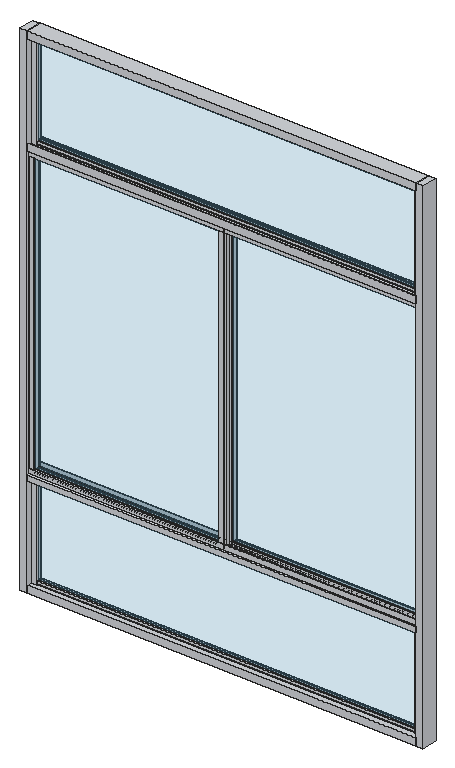
Revit family "MT-VMS_DB-SG_OX WITH HIGHTLITE-LOWLITE", category Windows, host Wall, Revit 2017 (continued)
Definition of nested family "VMS_DB-SG_OX_LOWLITE-HIGHLITE_76mm"
  Parameters (values of type "VMS_DB-SG_OX_LOWLITE-HIGHLITE_76mm")
    FRAME MATERIAL = none
    FIXED PANEL WIDTH = WIDTH - (FRAME WIDTH * 2)  # 1930 mm
    DOUBLE GLAZED THICKNESS = 15 mm
    DOUBLE GLAZED = no
    AIR POCKET = 5 mm
  Reference planes
    plane 1 "Center (Front/Back)": y = 0
    plane 2: z = 0
    plane 3 "Center (Left/Right)": x = 0
    plane 4: y = -76
    plane 5: x = -1000
    plane 6: x = 1000
    plane 7: x = -965
    plane 8: x = 965
    plane 9: z = 1500
    plane 10: z = 36
    plane 11: z = 1459
    plane 12: y = -54
    plane 13: y = -22
    plane 14: x = -478.7
    plane 15: x = 478.7
    plane 16: z = 2000
    plane 17: z = -500
    plane 18: z = 1489
    plane 19: y = -38
    plane 20: z = -465
  Forms (mm)
    Extrusion 1, solid, material <- "Sash Material"
      sketch origin (0, 0, 0) x (1, 0, 0) y (0, 1, 0)
        loop
          line (-1000, 0) -> (-1000, -76) -> (-965, -76) -> (-965, 0) -> (-1000, 0)
        loop
          line (965, 0) -> (965, -76) -> (1000, -76) -> (1000, 0) -> (965, 0)
      from -500 to 2000
    Sweep 2, solid, material <- "Sash Material"
      path origin (0, 0, 0) x (1, 0, 0) y (0, 0, 1)
        loop
          line (965, 1500) -> (-965, 1500)
      profile "VMS_VM8_HEAD DETAIL : VMS_VM8_HEAD DETAIL" origin (0, 0, 1500) x (0, 0, -1) y (0, -1, 0)
        loop
          line (0, 0) -> (35, 0) -> (35, 5.5) -> (59, 5.5) -> (59, 7.3) -> (33.2, 7.3) -> (33.2, 1.8) -> (16.1, 1.8) -> (16.1, 37.2) -> (59, 37.2) -> (59, 38.8) -> (16.1, 38.8) -> (16.1, 74.2) -> (33.2, 74.2) -> (33.2, 68.7) -> (59, 68.7) -> (59, 70.5) -> (35, 70.5) -> (35, 76) -> (0, 76) -> (0, 74.5) -> (14.5, 74.5) -> (14.5, 1.5) -> (0, 1.5) -> (0, 0)
    Sweep 3, solid, material <- "Sash Material"
      path origin (0, 0, 0) x (1, 0, 0) y (0, 0, 1)
        loop
          line (965, 0) -> (-965, 0)
      profile "VMS_VM10_BOT DETAIL : VMS_VM10_BOT DETAIL" origin (0, 0, 0) x (0, 0, -1) y (0, -1, 0)
        loop
          line (-14.448, 1.5) -> (-14.448, 38) -> (-18.196, 38) -> (-18.196, 74.4) -> (0, 74.4) -> (0, 76) -> (-27.256, 76) -> (-31.278, 70.723) -> (-56.143, 70.723) -> (-56.143, 68.723) -> (-31.278, 68.723) -> (-31.278, 38.823) -> (-56.143, 38.823) -> (-56.143, 37.223) -> (-31.278, 37.223) -> (-31.278, 7.323) -> (-56.143, 7.323) -> (-56.143, 5.323) -> (-31.278, 5.323) -> (-27.291, 0) -> (0, 0) -> (0, 1.5) -> (-14.448, 1.5)
        loop
          line (-29.678, 70.183) -> (-29.678, 5.689) -> (-26.54, 1.5) -> (-15.948, 1.5) -> (-15.948, 36.6) -> (-19.696, 36.6) -> (-19.696, 74.4) -> (-26.464, 74.4) -> (-29.678, 70.183)
    Sweep 4, solid, material <- "Sash Material"
      path origin (0, 0, 0) x (1, 0, 0) y (0, 0, 1)
        loop
          line (-965, 1441) -> (-965, 56.143)
      profile "VMS_VM11_SILL DETAIL : VMS_VM11_SILL DETAIL" origin (-965, 0, 748.571) x (1, 0, 0) y (0, -1, 0)
        loop
          line (0, 37.2) -> (29.712, 37.2) -> (29.712, 38.8) -> (1.8, 38.8) -> (1.8, 68.7) -> (29.712, 68.7) -> (29.712, 70.7) -> (0, 70.7) -> (0, 37.2)
    Sweep 5, solid, material <- "Sash Material"
      path origin (0, 0, 0) x (1, 0, 0) y (0, 0, 1)
        loop
          line (965, 1441) -> (965, 56.143)
      profile "VMS_VM12_SILL DETAIL : VMS_VM12_SILL DETAIL" origin (965, 0, 748.571) x (1, 0, 0) y (0, -1, 0)
        loop
          line (-1.5, 37.2) -> (-1.5, 7.3) -> (-29.712, 7.3) -> (-29.712, 5.3) -> (0, 5.3) -> (0, 70.7) -> (-7.5, 70.7) -> (-7.5, 69) -> (-1.5, 69) -> (-1.5, 55.4) -> (-15, 55.4) -> (-15, 53.9) -> (-1.5, 53.9) -> (-1.5, 38.8) -> (-29.712, 38.8) -> (-29.712, 37.2) -> (-1.5, 37.2)
    Sweep 6, solid, material <- "Sash Material"
      path origin (-870.249, -54, 1200) x (-1, 0, 0) y (0, 0, 1)
        loop
          line (-870.249, 241) -> (-870.249, -1143.857)
      profile "VMS_VM9_INTERLOCK : VMS_VM9_INTERLOCK" origin (0, -54, 748.571) x (-1, 0, 0) y (0, 1, 0)
        loop
          line (19.712, -13.356) -> (-18.2, -13.356) -> (-18.2, 13.544) -> (19.712, 13.544) -> (19.712, 15.044) -> (-18.2, 15.044) -> (-18.2, 18.379) -> (-8.692, 19.257) -> (-8.692, 20.102) -> (-20, 20.102) -> (-20, -0.056) -> (-35, -0.056) -> (-35, -1.556) -> (-20, -1.556) -> (-20, -16.856) -> (19.712, -16.856) -> (19.712, -13.356)
    Extrusion 7, solid, material <- "Sash Material"
      sketch origin (0, 0, 0) x (0, 1, 0) y (0, 0, 1)
        loop
          line (0, 2000) -> (-76, 2000) -> (-76, 1965) -> (0, 1965) -> (0, 2000)
        loop
          line (-76, -500) -> (0, -500) -> (0, -465) -> (-76, -465) -> (-76, -500)
      from -965 to 965
  Lines and regions (mm)
    Masking region 1, detail levels coarse
      outline origin (0, 0, 0) x (1, 0, 0) y (0, 1, 0)
        loop
          line (-1000, 0) -> (-1000, -76) -> (-965, -76) -> (-965, 0) -> (-1000, 0)
        loop
          line (965, 0) -> (965, -76) -> (1000, -76) -> (1000, 0) -> (965, 0)
    Masking region 2, detail levels coarse
      outline origin (0, 0, 0) x (0, 1, 0) y (0, 0, 1)
        loop
          line (-76, 1965) -> (0, 1965) -> (0, 2000) -> (-76, 2000) -> (-76, 1965)
        loop
          line (0, 27.291) -> (-5.323, 31.278) -> (-5.323, 36) -> (-70.723, 36) -> (-70.723, 31.278) -> (-76, 27.256) -> (-76, 0) -> (0, 0) -> (0, 27.291)
        loop
          line (0, 1465.3) -> (0, 1500) -> (-76, 1500) -> (-76, 1465.3) -> (0, 1465.3)
        loop
          line (0, -500) -> (0, -465) -> (-76, -465) -> (-76, -500) -> (0, -500)
    symbolic lines
      curve 1: line (-965, 0, 0) -> (965, 0, 0)
      curve 2: line (-965, -76, 0) -> (965, -76, 0)
  Dimensions and locks
    equal spacing: plane 5, plane 3 "Center (Left/Right)", plane 6
    "FRAME THICKNESS": plane 4 to plane 1 "Center (Front/Back)"
    "FRAME WIDTH": plane 5 to plane 7
    "FRAME WIDTH": plane 8 to plane 6
    "WIDTH": plane 5 to plane 6
    locked: plane 9 to plane 11 at 41
    plane 10 to plane 2 = 36 mm
    locked: plane 13 to plane 1 "Center (Front/Back)" at 22
    locked: plane 12 to plane 4 at 22
    "HAFT PANEL WIDTH": plane 7 to plane 14
    "HAFT PANEL WIDTH": plane 15 to plane 8
    "HIGHTLITE": plane 16 to plane 9
    "LOWLITE": plane 2 to plane 17
    locked: plane 16 to Extrusion 7 sketch curve at 35
    locked: Extrusion 7 sketch curve to plane 17 at 35
    locked: plane 9 to plane 18 at 11
    equal spacing: plane 4, plane 19, plane 1 "Center (Front/Back)"
    "FRAME WIDTH": plane 20 to plane 17
    "OVERFRAME HEIGHT": plane 16 to plane 17
    aligned and locked: level to plane 2
    aligned and locked: plane 1 "Center (Front/Back)" to Extrusion 1 sketch curve  (x2)
    aligned and locked: plane 5 to Extrusion 1 sketch curve
    aligned and locked: plane 4 to Extrusion 1 sketch curve  (x2)
    aligned and locked: Extrusion 1 sketch curve to plane 7
    aligned and locked: plane 8 to Extrusion 1 sketch curve
    aligned and locked: Extrusion 1 sketch curve to plane 6
    aligned and locked: plane 9 to Sweep 2 sketch curve
    aligned and locked: plane 8 to Sweep 2 sketch curve
    aligned and locked: plane 7 to Sweep 2 sketch curve
    aligned and locked: plane 2 to Sweep 3 sketch curve
    aligned and locked: plane 8 to Sweep 3 sketch curve
    aligned and locked: plane 7 to Sweep 3 sketch curve
    aligned and locked: Sweep 4 sketch curve to plane 7
    aligned and locked: Sweep 4 sketch curve to Sweep 2
    aligned and locked: Sweep 3 to Sweep 4 sketch curve
    aligned and locked: Sweep 5 sketch curve to plane 8
    aligned and locked: Sweep 2 to Sweep 5 sketch curve
    aligned and locked: Sweep 5 sketch curve to Sweep 3
    aligned and locked: plane 15 to nested 1
    aligned and locked: nested 1 to plane 10
    aligned and locked: nested 1 to plane 13
    aligned and locked: plane 14 to nested 2
    aligned and locked: plane 12 to nested 2
    aligned and locked: nested 2 to plane 10
    aligned and locked: nested 3 to plane 7
    aligned and locked: Sweep 4 to nested 3
    aligned and locked: plane 3 "Center (Left/Right)" to Sweep 6 sketch curve
    aligned and locked: Sweep 2 to Sweep 6 sketch curve
    aligned and locked: Sweep 3 to Sweep 6 sketch curve
    aligned and locked: plane 7 to curve 1
    aligned and locked: plane 8 to curve 1
    aligned and locked: plane 8 to curve 2
    aligned and locked: plane 7 to curve 2
    aligned and locked: plane 1 "Center (Front/Back)" to curve 1
    aligned and locked: curve 2 to plane 4
    aligned and locked: Masking region 1 sketch curve to Extrusion 1  (x4)
    aligned and locked: Masking region 1 sketch curve to Sweep 3  (x3)
    aligned and locked: Sweep 3 to Masking region 1 sketch curve
    aligned and locked: plane 1 "Center (Front/Back)" to nested 4
    aligned and locked: nested 4 to plane 7
    aligned and locked: plane 8 to nested 5
    aligned and locked: plane 1 "Center (Front/Back)" to nested 5
    aligned and locked: plane 7 to nested 6
    aligned and locked: plane 1 "Center (Front/Back)" to nested 6
    aligned and locked: nested 7 to plane 8
    aligned and locked: plane 1 "Center (Front/Back)" to nested 7
    aligned and locked: Masking region 2 sketch curve to plane 4  (x2)
    aligned and locked: Masking region 2 sketch curve to Extrusion 1
    aligned and locked: Extrusion 1 to Masking region 2 sketch curve
    aligned and locked: Masking region 2 sketch curve to Sweep 3  (x3)
    aligned and locked: Masking region 2 sketch curve to nested 1
    aligned and locked: Sweep 3 to Masking region 2 sketch curve
    aligned and locked: nested 8 to plane 9
    aligned and locked: plane 4 to nested 8
    aligned and locked: nested 9 to plane 9
    aligned and locked: plane 4 to nested 9
    aligned and locked: nested 10 to plane 2
    aligned and locked: plane 4 to nested 10
    aligned and locked: nested 11 to level
    aligned and locked: nested 11 to Extrusion 1
    aligned and locked: plane 16 to Extrusion 1
    aligned and locked: Extrusion 1 to plane 17
    aligned and locked: plane 4 to Extrusion 7 sketch curve  (x2)
    aligned and locked: Extrusion 7 sketch curve to plane 16
    aligned and locked: plane 1 "Center (Front/Back)" to Extrusion 7 sketch curve  (x2)
    aligned and locked: plane 17 to Extrusion 7 sketch curve
    aligned and locked: Extrusion 7 to Extrusion 1  (x2)
    aligned and locked: plane 3 "Center (Left/Right)" to nested 12
    aligned and locked: nested 12 to plane 19
    aligned and locked: nested 12 to plane 18
    aligned and locked: nested 13 to plane 20
    aligned and locked: plane 3 "Center (Left/Right)" to nested 13
    aligned and locked: nested 13 to plane 19
    aligned and locked: nested 14 to Extrusion 7
    aligned and locked: plane 1 "Center (Front/Back)" to nested 14
    aligned and locked: nested 15 to plane 1 "Center (Front/Back)"
    aligned and locked: plane 20 to nested 15
    aligned and locked: plane 20 to nested 16
    aligned and locked: nested 16 to plane 1 "Center (Front/Back)"
    aligned and locked: nested 17 to Extrusion 7
    aligned and locked: plane 1 "Center (Front/Back)" to nested 17
    aligned and locked: Masking region 2 sketch curve to nested 17
    aligned and locked: Masking region 2 sketch curve to nested 9  (x2)
    aligned and locked: Masking region 2 sketch curve to nested 8
    aligned and locked: nested 8 to Masking region 2 sketch curve
    aligned and locked: plane 2 to Masking region 2 sketch curve
    aligned and locked: Masking region 2 sketch curve to nested 15
    aligned and locked: Masking region 2 sketch curve to plane 17
    aligned and locked: Masking region 2 sketch curve to plane 1 "Center (Front/Back)"
  Automatic sketch dimensions
    Masking region 2 sketch curve to plane 4 = 0 mm
    plane 1 "Center (Front/Back)" to Masking region 2 sketch curve = 5.323 mm
    Masking region 2 sketch curve to plane 10 = 8.709 mm
    Masking region 2 sketch curve to plane 10 = 4.722 mm
  Nested families
    nested 1: "VMS_DB-SG_GLAZED PANEL" at (478.7, -22, 36), Sash Material <- "FRAME MATERIAL", type "VMS_DB-SG_GLAZED PANEL"
      with OPEN yes
    nested 2: "VMS_DB-SG_GLAZED PANEL" at (-478.7, -54, 36) x (-1, 0, 0) z (0, 0, 1), Sash Material <- "FRAME MATERIAL", type "VMS_DB-SG_GLAZED PANEL"
      with OPEN no
    nested 3: "VMS_VM11_SILL DETAIL_FINE" at (-965, -37.2, 0) x (0, -1, 0) z (0, 0, 1), type "VMS_VM11_SILL DETAIL_FINE", detail levels fine
    nested 4: "MAIN FRAME 76MM_MEDIUM" at (-1000, 0, 0), type "MAIN FRAME 76MM_MEDIUM", detail levels medium
    nested 5: "MAIN FRAME 76MM_MEDIUM" at (1000, -76, 0) x (-1, 0, 0) z (0, 0, 1), type "MAIN FRAME 76MM_MEDIUM", detail levels medium
    nested 6: "AS1C CAVITY MAIN FRAME" at (-965, 0, 0), type "AS1C CAVITY MAIN FRAME", detail levels fine
    nested 7: "AS1C CAVITY MAIN FRAME" at (965, -76, 0) x (-1, 0, 0) z (0, 0, 1), type "AS1C CAVITY MAIN FRAME", detail levels fine
    nested 8: "VMS_VM8_HEAD DETAIL_MEDIUM" at (0, -76, 1500) x (0, 1, 0) z (1, 0, 0), type "VMS_VM8_HEAD DETAIL_MEDIUM", detail levels medium
    nested 9: "VMS_VM8_HEAD DETAIL_FINE" at (0, -76, 1500) x (0, 1, 0) z (1, 0, 0), type "VMS_VM8_HEAD DETAIL_FINE", detail levels fine
    nested 10: "VMS_VM10_BOT DETAIL_MEDIUM" at (0, -76, 0) x (0, 1, 0) z (1, 0, 0), type "VMS_VM10_BOT DETAIL_MEDIUM", detail levels medium
    nested 11: "VMS_VM10_BOT DETAIL_FINE" at (0, -76, 0) x (0, 1, 0) z (1, 0, 0), type "VMS_VM10_BOT DETAIL_FINE", detail levels fine
    nested 12: "VMS_DB-SG_GLAZED PANEL" at (0, -38, 1489) x (-1, 0, 0) z (0, 0, 1), Sash Material <- "FRAME MATERIAL", type "VMS_DB-SG_FIX PANEL"
      with OPEN no
    nested 13: "VMS_DB-SG_GLAZED PANEL" at (0, -38, -465) x (-1, 0, 0) z (0, 0, 1), Sash Material <- "FRAME MATERIAL", type "VMS_DB-SG_FIX PANEL LOW"
      with OPEN no
    nested 14: "MAIN FRAME 76MM_MEDIUM" at (0, 0, 2000) x (0, 0, -1) z (1, 0, 0), type "MAIN FRAME 76MM_MEDIUM", detail levels medium
    nested 15: "MAIN FRAME 76MM_MEDIUM" at (0, -76, -500) x (0, 0, 1) z (1, 0, 0), type "MAIN FRAME 76MM_MEDIUM", detail levels medium
    nested 16: "AS1C CAVITY MAIN FRAME" at (0, -76, -465) x (0, 0, 1) z (1, 0, 0), type "AS1C CAVITY MAIN FRAME", detail levels fine
    nested 17: "AS1C CAVITY MAIN FRAME" at (0, 0, 1965) x (0, 0, -1) z (1, 0, 0), type "AS1C CAVITY MAIN FRAME", detail levels fine
  Definition of nested family "VMS_DB-SG_GLAZED PANEL"
    Parameters (values of type "VMS_DB-SG_FIX PANEL")
      YEAR = "2018"  # constant formula
      Width = 1930 mm
      VERSION = "2.0"  # constant formula
      TODAYS DATE = "22/11/2018"  # constant formula
      Sash Material [instance] = none
      SINGLE GLAZED THICKNESS = 5 mm
      SINGLE GLAZED = not(DOUBLE GLAZED)  # yes
      PANEL WIDTH = 1930 mm
      PANEL HEIGHT = 476 mm
      OPEN [instance] = yes
      Height = 0 mm
      GLAZED WIDTH [instance] = 1894 mm
      GLAZED RAIL MATERIAL = none
      GLAZED MATERIAL = none
      DOUBLE GLAZED THICKNESS = 15 mm
      DOUBLE GLAZED = no
      CREATOR = "Scott Isouard"  # constant formula
      COMPANY = "Archvis"  # constant formula
      Analytic Construction = "<None>"
      ANZRC COMPLIANT = "Yes"  # constant formula
      AIR POCKET = DOUBLE GLAZED THICKNESS - 10 mm  # 5 mm
    Types (3, lengths in mm): name | Width | PANEL WIDTH | PANEL HEIGHT | GLAZED WIDTH
      VMS_DB-SG_GLAZED PANEL | 0 | 969 | 1423 | 933
      VMS_DB-SG_FIX PANEL LOW | 0 | 1930 | 476 | 1894
      VMS_DB-SG_FIX PANEL | 1930 | 1930 | 476 | 1894
    Reference planes
      plane 1 "Center (Front/Back)": y = 0
      plane 2: z = 0
      plane 3 "Center (Left/Right)": x = 0
      plane 4: x = -965
      plane 5: x = 965
      plane 6: x = -947
      plane 7: x = 947
      plane 8: z = 476
      plane 9: z = 456
      plane 10: z = 20
      plane 11: z = 238
      plane 12: x = -937.086
      plane 13: x = 937
      plane 14: z = 10
      plane 15: z = 466
    Forms (mm)
      Extrusion 1, solid, material <- "GLAZED MATERIAL", visible <- "SINGLE GLAZED"
        sketch origin (0, 0, 0) x (1, 0, 0) y (0, 1, 0)
          loop
            line (-947, 2.5) -> (-947, -2.5) -> (947, -2.5) -> (947, 2.5) -> (-947, 2.5)
        from 10 to 466
      Extrusion 2, solid, material <- "GLAZED MATERIAL", visible <- "DOUBLE GLAZED"
        sketch origin (0, 0, 0) x (1, 0, 0) y (0, 1, 0)
          loop
            line (-947, 7.5) -> (-947, 2.5) -> (947, 2.5) -> (947, 7.5) -> (-947, 7.5)
          loop
            line (-947, -2.5) -> (-947, -7.5) -> (947, -7.5) -> (947, -2.5) -> (-947, -2.5)
        from 10 to 466
      Sweep 3, solid, material <- "Sash Material"
        path origin (0, 0, 0) x (1, 0, 0) y (0, 0, 1)
          loop
            line (-965, 476) -> (-965, 0)
        profile "VM__PROFILE_SACH SILL : VM__PROFILE_SACH SILL" origin (-965, 0, 238) x (1, 0, 0) y (0, -1, 0)
          loop
            line (0, 13.45) -> (0, -13.45) -> (28, -13.45) -> (28, -9.95) -> (10, -9.95) -> (10, 9.95) -> (28, 9.95) -> (28, 13.45) -> (0, 13.45)
      Sweep 4, solid, material <- "Sash Material"
        path origin (0, 0, 0) x (1, 0, 0) y (0, 0, 1)
          loop
            line (965, 476) -> (965, 0)
        profile "VM__PROFILE_SACH SILL : VM__PROFILE_SACH SILL" origin (965, 0, 238) x (1, 0, 0) y (0, -1, 0)
          loop
            line (0, 13.45) -> (-28, 13.45) -> (-28, 9.95) -> (-10, 9.95) -> (-10, -9.95) -> (-28, -9.95) -> (-28, -13.45) -> (0, -13.45) -> (0, 13.45)
      Sweep 5, solid, material <- "Sash Material"
        path origin (0, 0, 0) x (1, 0, 0) y (0, 0, 1)
          loop
            line (-937.086, 476) -> (937, 476)
        profile "VM__PROFILE_GLAZED RAIL : VM__PROFILE_GLAZED RAIL" origin (-0.043, 0, 476) x (0, 0, 1) y (0, -1, 0)
          loop
            line (-5.417, -13.45) -> (0, -8.033) -> (0, 8.033) -> (-5.417, 13.45) -> (-19.826, 13.45) -> (-19.826, 6.25) -> (-10, 6.25) -> (-10, -6.25) -> (-19.826, -6.25) -> (-19.826, -13.45) -> (-5.417, -13.45)
      Sweep 6, solid, material <- "Sash Material"
        path origin (0, 0, 0) x (1, 0, 0) y (0, 0, 1)
          loop
            line (937, 0) -> (-937.086, 0)
        profile "VM__PROFILE_GLAZED RAIL : VM__PROFILE_GLAZED RAIL" origin (-0.043, 0, 0) x (0, 0, -1) y (0, -1, 0)
          loop
            line (-5.417, -13.45) -> (0, -8.033) -> (0, 8.033) -> (-5.417, 13.45) -> (-19.826, 13.45) -> (-19.826, 6.25) -> (-10, 6.25) -> (-10, -6.25) -> (-19.826, -6.25) -> (-19.826, -13.45) -> (-5.417, -13.45)
    Lines and regions (mm)
      Masking region 1, detail levels coarse
        outline origin (0, 0, 0) x (1, 0, 0) y (0, 1, 0)
          loop
            line (-937.086, 13.45) -> (-965, 13.45) -> (-965, -13.45) -> (-937.086, -13.45) -> (-937.086, 13.45)
          loop
            line (937, 13.45) -> (937, -13.45) -> (965, -13.45) -> (965, 13.45) -> (937, 13.45)
      Masking region 2, detail levels coarse
        outline origin (0, 0, 0) x (0, 1, 0) y (0, 0, 1)
          loop
            line (13.45, 476) -> (-13.45, 476) -> (-13.45, 456.174) -> (13.45, 456.174) -> (13.45, 476)
          loop
            line (13.45, 20) -> (-13.45, 20) -> (-13.45, 0) -> (13.45, 0) -> (13.45, 20)
      model lines, visible <- "OPEN", not visible
        curve 1: line (116.296, -13.45, 713.931) -> (-19.098, -13.45, 715.656)
        curve 2: line (-134.348, -13.45, 741.334) -> (8.162, -13.45, 666.42)
        curve 3: line (8.162, -13.45, 666.42) -> (-19.098, -13.45, 715.656)
        curve 4: line (116.912, -13.45, 762.344) -> (-18.481, -13.45, 764.068)
        curve 5: line (-134.348, -13.45, 741.334) -> (10.023, -13.45, 812.593)
        curve 6: line (10.023, -13.45, 812.593) -> (-18.481, -13.45, 764.068)
        curve 7: line (116.296, -13.45, 713.931) -> (116.912, -13.45, 762.344)
        curve 8: line (116.604, -13.45, 738.138) -> (-134.348, -13.45, 741.334)
        curve 9: line (-2.207, 13.452, 837.659) -> (-4.793, 13.452, 634.675)
      model lines, visible <- "OPEN"
        curve 10: line (120.069, -13.45, 262.208) -> (-15.335, -13.45, 262.208)
        curve 11: line (-130.903, -13.45, 238) -> (12.549, -13.45, 311.092)
        curve 12: line (12.549, -13.45, 311.092) -> (-15.335, -13.45, 262.208)
        curve 13: line (120.069, -13.45, 213.792) -> (-15.335, -13.45, 213.792)
        curve 14: line (-130.903, -13.45, 238) -> (12.549, -13.45, 164.908)
        curve 15: line (12.549, -13.45, 164.908) -> (-15.335, -13.45, 213.792)
        curve 16: line (120.069, -13.45, 262.208) -> (120.069, -13.45, 213.792)
        curve 17: line (120.069, -13.45, 238) -> (-130.903, -13.45, 238)
        curve 18: line (0, 13.452, 140) -> (0, 13.452, 343)
      symbolic lines
        curve 19: line (-951.086, 13.45, 0) -> (951.088, 13.45, 0)
        curve 20: line (-951.086, -13.45, 0) -> (947, -13.45, 0)
        curve 21: line (0, 13.45, 466) -> (0, 13.45, 10)
        curve 22: line (0, -13.45, 466) -> (0, -13.45, 10)
      symbolic lines, visible <- "OPEN"
        curve 23: line (150, 93.125, 0) -> (-150, 93.125, 0)
        curve 24: line (-150, 93.125, 0) -> (-70.45, 172.674, 0)
    Dimensions and locks
      equal spacing: plane 4, plane 3 "Center (Left/Right)", plane 5
      "PANEL WIDTH": plane 4 to plane 5
      "PANEL HEIGHT": plane 8 to plane 2
      equal spacing: Extrusion 1 sketch curve, plane 1 "Center (Front/Back)", Extrusion 1 sketch curve
      "SINGLE GLAZED THICKNESS": Extrusion 1 sketch curve to Extrusion 1 sketch curve
      equal spacing: plane 8, plane 11, plane 2
      equal spacing: Extrusion 2 sketch curve, plane 1 "Center (Front/Back)", Extrusion 2 sketch curve  (x2)
      "AIR POCKET": Extrusion 2 sketch curve to Extrusion 2 sketch curve
      "DOUBLE GLAZED THICKNESS": Extrusion 2 sketch curve to Extrusion 2 sketch curve
      locked: plane 4 to plane 12 at 27.914
      locked: plane 13 to plane 5 at 28
      locked: plane 8 to plane 9 at 20
      locked: plane 4 to plane 6 at 18
      locked: plane 7 to plane 5 at 18
      "GLAZED WIDTH": plane 6 to plane 7
      locked: plane 10 to plane 2 at 20
      locked: plane 14 to plane 2 at 10
      locked: plane 8 to plane 15 at 10
      equal spacing: curve 24, plane 3 "Center (Left/Right)", curve 23
      curve 23 to Sweep 5 = 79.675 mm
      aligned and locked: level to plane 2
      aligned and locked: plane 6 to Extrusion 2 sketch curve  (x2)
      aligned and locked: Extrusion 2 sketch curve to plane 7  (x2)
      aligned and locked: plane 4 to Sweep 3 sketch curve
      aligned and locked: plane 2 to Sweep 3 sketch curve
      aligned and locked: plane 8 to Sweep 3 sketch curve
      aligned and locked: Sweep 4 sketch curve to plane 5
      aligned and locked: plane 8 to Sweep 4 sketch curve
      aligned and locked: plane 2 to Sweep 4 sketch curve
      aligned and locked: Extrusion 1 sketch curve to plane 7
      aligned and locked: plane 6 to Extrusion 1 sketch curve
      aligned and locked: plane 11 to curve 17
      aligned and locked: plane 3 "Center (Left/Right)" to curve 18
      aligned and locked: Sweep 5 sketch curve to plane 8
      aligned and locked: plane 12 to Sweep 5 sketch curve
      aligned and locked: plane 13 to Sweep 5 sketch curve
      aligned and locked: plane 2 to Sweep 6 sketch curve
      aligned and locked: plane 13 to Sweep 6 sketch curve
      aligned and locked: plane 12 to Sweep 6 sketch curve
      aligned and locked: Sweep 5 to Masking region 1 sketch curve  (x2)
      aligned and locked: Masking region 1 sketch curve to Sweep 5  (x3)
      aligned and locked: Masking region 1 sketch curve to plane 4
      aligned and locked: Masking region 1 sketch curve to plane 5
      aligned and locked: Masking region 1 to Sweep 5
      aligned and locked: curve 20 to Sweep 5
      aligned and locked: Masking region 2 sketch curve to Sweep 4  (x2)
      aligned and locked: Sweep 4 to Masking region 2 sketch curve  (x2)
      aligned and locked: Masking region 2 sketch curve to Sweep 5  (x2)
      aligned and locked: Masking region 2 sketch curve to Sweep 6
      aligned and locked: Masking region 2 sketch curve to plane 10
      aligned and locked: nested 1 to plane 1 "Center (Front/Back)"
      aligned and locked: plane 2 to nested 1
      aligned and locked: nested 2 to plane 8
      aligned and locked: plane 1 "Center (Front/Back)" to nested 2
      aligned and locked: nested 3 to plane 8
      aligned and locked: plane 1 "Center (Front/Back)" to nested 3
      aligned and locked: plane 2 to nested 4
      aligned and locked: nested 4 to plane 1 "Center (Front/Back)"
      aligned and locked: Extrusion 2 to Sweep 6
      aligned and locked: Extrusion 2 to Extrusion 1  (x2)
      aligned and locked: nested 5 to plane 8
      aligned and locked: plane 1 "Center (Front/Back)" to nested 5
      aligned and locked: plane 2 to nested 6
      aligned and locked: nested 6 to plane 1 "Center (Front/Back)"
      aligned and locked: plane 2 to nested 7
      aligned and locked: nested 7 to plane 1 "Center (Front/Back)"
      aligned and locked: nested 8 to plane 8
      aligned and locked: plane 1 "Center (Front/Back)" to nested 8
      aligned and locked: Sweep 3 to curve 21
      aligned and locked: curve 22 to Sweep 3
      aligned and locked: curve 19 to Sweep 5
      aligned and locked: plane 7 to curve 20
      aligned and locked: plane 15 to curve 22
      aligned and locked: plane 15 to curve 21
      aligned and locked: plane 14 to curve 21
      aligned and locked: plane 14 to curve 22
      aligned and locked: plane 15 to Extrusion 2
      aligned and locked: plane 4 to nested 9
      aligned and locked: nested 9 to Sweep 3
      aligned and locked: plane 4 to nested 10
      aligned and locked: nested 10 to nested 9
      aligned and locked: plane 4 to nested 11
      aligned and locked: Masking region 1 to plane 13
      aligned and locked: plane 4 to nested 12
      aligned and locked: nested 12 to Sweep 5
      aligned and locked: plane 5 to nested 13
      aligned and locked: nested 13 to Sweep 4
      aligned and locked: plane 5 to nested 14
      aligned and locked: nested 14 to nested 13
      aligned and locked: plane 5 to nested 15
      aligned and locked: nested 14 to nested 15
      aligned and locked: plane 5 to nested 16
      aligned and locked: nested 16 to nested 15  (x2)
      aligned and locked: curve 19 to nested 16
      aligned and locked: nested 12 to curve 19
      aligned and locked: curve 20 to nested 12
    Automatic sketch dimensions
      curve 9 to curve 2 = 34.287 mm
      curve 2 to curve 7 = 118.111 mm
      curve 1 to curve 8 = 24.208 mm
      curve 3 to curve 4 = 48.416 mm
      curve 4 to curve 5 = 56.278 mm
      curve 5 to curve 9 = 27.89 mm
      curve 3 to curve 1 = 118.111 mm
      curve 6 to curve 4 = 118.111 mm
      curve 9 to curve 5 = 27.89 mm
      curve 3 to curve 2 = 56.278 mm
      curve 6 to curve 3 = 48.416 mm
      curve 8 to curve 4 = 118.076 mm
      curve 18 to curve 11 = 34.287 mm
      curve 11 to curve 16 = 118.111 mm
      curve 10 to curve 17 = 24.208 mm
      curve 12 to curve 13 = 48.416 mm
      curve 13 to curve 14 = 56.278 mm
      curve 14 to curve 18 = 27.89 mm
      curve 12 to curve 10 = 118.111 mm
      curve 15 to curve 13 = 118.111 mm
      curve 18 to curve 14 = 27.89 mm
      curve 12 to curve 11 = 56.278 mm
      curve 15 to curve 12 = 48.416 mm
      curve 17 to curve 13 = 118.076 mm
      curve 18 to curve 18 = 2.585 mm
      curve 18 to curve 18 = 202.984 mm
      curve 11 to curve 16 = 47.511 mm
      curve 11 to curve 12 = 49.235 mm
      curve 10 to curve 11 = 25.678 mm
      curve 10 to curve 16 = 48.412 mm
      curve 10 to curve 13 = 48.412 mm
      curve 13 to curve 15 = 48.525 mm
      curve 11 to curve 12 = 115.25 mm
      curve 10 to curve 15 = 0.617 mm
      curve 10 to curve 12 = 27.26 mm
      curve 13 to curve 14 = 28.505 mm
      curve 9 to curve 9 = 2.585 mm
      curve 9 to curve 9 = 202.984 mm
      curve 2 to curve 7 = 47.511 mm
      curve 2 to curve 3 = 49.235 mm
      curve 1 to curve 2 = 25.678 mm
      curve 1 to curve 7 = 48.412 mm
      curve 1 to curve 4 = 48.412 mm
      curve 4 to curve 6 = 48.525 mm
      curve 3 to curve 2 = 115.25 mm
      curve 6 to curve 1 = 0.617 mm
      curve 3 to curve 1 = 27.26 mm
      curve 5 to curve 4 = 28.505 mm
      Masking region 1 sketch curve to plane 13 = 0 mm
      curve 24 to curve 24 = 79.55 mm
      curve 19 to plane 6 = 4.086 mm
      curve 20 to plane 6 = 4.086 mm
      plane 7 to curve 19 = 4.088 mm
      curve 23 to curve 24 = 79.55 mm
      curve 24 to plane 3 "Center (Left/Right)" = 150 mm
    Nested families
      nested 1: "VM62_DOUBLE GLAZE RAIL_Mid detail" at (0, 0, 0) x (0, 0, 1) z (1, 0, 0), visible <- "DOUBLE GLAZED", type "VM62_DOUBLE GLAZE RAIL_Mid detail", detail levels medium
      nested 2: "VM62_DOUBLE GLAZE RAIL_Mid detail" at (0, 0, 476) x (0, 0, -1) z (1, 0, 0), visible <- "DOUBLE GLAZED", type "VM62_DOUBLE GLAZE RAIL_Mid detail", detail levels medium
      nested 3: "VM62_SGL GLAZE RAIL_Mid detail" at (0, 0, 476) x (0, 0, -1) z (1, 0, 0), visible <- "SINGLE GLAZED", type "VM62_SGL GLAZE RAIL_Mid detail", detail levels medium
      nested 4: "VM62_SGL GLAZE RAIL_Mid detail" at (0, 0, 0) x (0, 0, 1) z (1, 0, 0), visible <- "SINGLE GLAZED", type "VM62_SGL GLAZE RAIL_Mid detail", detail levels medium
      nested 5: "vm1_single glaze rail" at (0, 0, 476) x (0, 0, -1) z (1, 0, 0), visible <- "SINGLE GLAZED", type "vm1_single glaze rail", detail levels fine
      nested 6: "vm1_single glaze rail" at (0, 0, 0) x (0, 0, 1) z (1, 0, 0), visible <- "SINGLE GLAZED", type "vm1_single glaze rail", detail levels fine
      nested 7: "VM62_DOUBLE GLAZE RAIL" at (0, 0, 0) x (0, 0, 1) z (1, 0, 0), visible <- "DOUBLE GLAZED", type "VM62_DOUBLE GLAZE RAIL", detail levels fine
      nested 8: "VM62_DOUBLE GLAZE RAIL" at (0, 0, 476) x (0, 0, -1) z (1, 0, 0), visible <- "DOUBLE GLAZED", type "VM62_DOUBLE GLAZE RAIL", detail levels fine
      nested 9: "VMS_V3_SGL_FINE" at (-965, 13.45, 0), visible <- "SINGLE GLAZED", type "VMS_V3_SGL_FINE", detail levels fine
      nested 10: "VMS_V3_SGL_MEDIUM" at (-965, 13.45, 0), visible <- "SINGLE GLAZED", type "VMS_V3_SGL_MEDIUM", detail levels medium
      nested 11: "VMS_VM64_SILL DETAIL_FINE" at (-965, 13.45, 0), visible <- "DOUBLE GLAZED", type "VMS_VM64_SILL DETAIL_FINE", detail levels fine
      nested 12: "VMS_VM64_SILL DETAIL_MEDIUM" at (-965, 13.45, 0), visible <- "DOUBLE GLAZED", type "VMS_VM64_SILL DETAIL_MEDIUM", detail levels medium
      nested 13: "VMS_VM5_SILL DETAIL_FINE" at (965, -13.45, 0) x (0, 1, 0) z (0, 0, 1), visible <- "SINGLE GLAZED", type "VMS_VM5_SILL DETAIL_FINE", detail levels fine
      nested 14: "VMS_VM5_SILL DETAIL_MEDIUM" at (965, -13.45, 0) x (0, 1, 0) z (0, 0, 1), visible <- "SINGLE GLAZED", type "VMS_VM5_SILL DETAIL_MEDIUM", detail levels medium
      nested 15: "VMS_VM66_SILL DETAIL_FINE" at (965, -13.45, 0) x (0, 1, 0) z (0, 0, 1), visible <- "DOUBLE GLAZED", type "VMS_VM66_SILL DETAIL_FINE", detail levels fine
      nested 16: "VMS_VM66_SILL DETAIL_MEDIUM" at (965.054, -13.45, 0) x (0, 1, 0) z (0, 0, 1), visible <- "DOUBLE GLAZED", type "VMS_VM66_SILL DETAIL_MEDIUM", detail levels medium
    Definition of nested family "VM62_DOUBLE GLAZE RAIL_Mid detail"
      Reference planes
        plane 1 "Center (Front/Back)": y = 0
        plane 2: z = 0
        plane 3 "Center (Left/Right)": x = 0
        plane 4: x = 10
      Lines and regions (mm)
        detail lines, in view "Ref. Level"
          curve 1: line (19.826, 13.45, 0) -> (19.826, 10.52, 0)
          curve 2: line (19.826, 10.52, 0) -> (10, 10.52, 0)
          curve 3: line (10, -10.52, 0) -> (19.826, -10.52, 0)
          curve 4: line (19.826, -10.52, 0) -> (19.826, -13.45, 0)
          curve 5: line (19.826, -13.45, 0) -> (5.417, -13.45, 0)
          curve 6: line (5.417, -13.45, 0) -> (0, -8.033, 0)
          curve 7: line (0, -8.033, 0) -> (0, 8.033, 0)
          curve 8: line (0, 8.033, 0) -> (5.417, 13.45, 0)
          curve 9: line (5.417, 13.45, 0) -> (19.826, 13.45, 0)
          curve 10: line (10, -10.52, 0) -> (10, 10.52, 0)
      Dimensions and locks
        plane 3 "Center (Left/Right)" to plane 4 = 10 mm
    Definition of nested family "VM62_SGL GLAZE RAIL_Mid detail"
      Reference planes
        plane 1 "Center (Front/Back)": y = 0
        plane 2: z = 0
        plane 3 "Center (Left/Right)": x = 0
        plane 4: x = 10
      Lines and regions (mm)
        detail lines, in view "Ref. Level"
          curve 1: line (19.826, 13.45, 0) -> (19.826, 6.45, 0)
          curve 2: line (19.826, 6.45, 0) -> (10, 6.45, 0)
          curve 3: line (10, -6.45, 0) -> (19.826, -6.45, 0)
          curve 4: line (19.826, -6.45, 0) -> (19.826, -13.45, 0)
          curve 5: line (19.826, -13.45, 0) -> (5.417, -13.45, 0)
          curve 6: line (5.417, -13.45, 0) -> (0, -8.033, 0)
          curve 7: line (0, -8.033, 0) -> (0, 8.033, 0)
          curve 8: line (0, 8.033, 0) -> (5.417, 13.45, 0)
          curve 9: line (5.417, 13.45, 0) -> (19.826, 13.45, 0)
          curve 10: line (10, -6.45, 0) -> (10, 6.45, 0)
      Dimensions and locks
        plane 3 "Center (Left/Right)" to plane 4 = 10 mm
    Definition of nested family "vm1_single glaze rail"
      Reference planes
        plane 1 "Center (Front/Back)": y = 0
        plane 2: z = 0
        plane 3 "Center (Left/Right)": x = 0
      Lines and regions (mm)
        detail lines, in view "Ref. Level"
          curve 1: arc (5.316, -8.679, 0) -> (5.078, -8.372, 0) -> (4.771, -8.134, 0) r 1.525
          curve 2: arc (3.99, -7.925, 0) -> (3.633, -7.97, 0) -> (3.297, -8.097, 0) r 1.525
          curve 3: arc (2.647, -8.747, 0) -> (2.525, -9.062, 0) -> (2.476, -9.396, 0) r 1.525
          curve 4: arc (2.476, -9.396, 0) -> (2.18, -9.815, 0) -> (1.678, -9.711, 0) r 0.468
          curve 5: arc (0.088, -8.121, 0) -> (0.023, -8.024, 0) -> (0, -7.909, 0) r 0.3
          curve 6: arc (0, 7.909, 0) -> (0.023, 8.024, 0) -> (0.088, 8.121, 0) r 0.3
          curve 7: arc (1.678, 9.711, 0) -> (2.18, 9.815, 0) -> (2.476, 9.396, 0) r 0.468
          curve 8: arc (2.476, 9.396, 0) -> (2.525, 9.062, 0) -> (2.647, 8.747, 0) r 1.525
          curve 9: arc (3.297, 8.097, 0) -> (3.633, 7.97, 0) -> (3.99, 7.925, 0) r 1.525
          curve 10: arc (4.771, 8.134, 0) -> (5.078, 8.372, 0) -> (5.316, 8.679, 0) r 1.525
          curve 11: arc (5.525, 9.46, 0) -> (5.48, 9.817, 0) -> (5.353, 10.153, 0) r 1.525
          curve 12: arc (4.703, 10.803, 0) -> (4.388, 10.925, 0) -> (4.054, 10.974, 0) r 1.525
          curve 13: arc (4.054, 10.974, 0) -> (3.635, 11.27, 0) -> (3.739, 11.772, 0) r 0.468
          curve 14: arc (5.329, 13.362, 0) -> (5.426, 13.427, 0) -> (5.541, 13.45, 0) r 0.3
          curve 15: arc (13.831, 13.45, 0) -> (14.236, 13.045, 0) -> (13.831, 12.64, 0) r 0.405
          curve 16: arc (13.126, 11.82, 0) -> (13.214, 11.608, 0) -> (13.426, 11.52, 0) r 0.3
          curve 17: arc (13.936, 11.52, 0) -> (14.149, 11.432, 0) -> (14.236, 11.22, 0) r 0.3
          curve 18: arc (14.236, 10.62, 0) -> (14.149, 10.408, 0) -> (13.936, 10.32, 0) r 0.3
          curve 19: arc (13.426, 10.32, 0) -> (13.214, 10.232, 0) -> (13.126, 10.02, 0) r 0.3
          curve 20: arc (13.126, 8.576, 0) -> (13.214, 8.364, 0) -> (13.426, 8.276, 0) r 0.3
          curve 21: arc (18.226, 8.276, 0) -> (18.439, 8.364, 0) -> (18.526, 8.576, 0) r 0.3
          curve 22: arc (18.526, 10.02, 0) -> (18.439, 10.232, 0) -> (18.226, 10.32, 0) r 0.3
          curve 23: arc (17.716, 10.32, 0) -> (17.504, 10.408, 0) -> (17.416, 10.62, 0) r 0.3
          curve 24: arc (17.416, 11.22, 0) -> (17.504, 11.432, 0) -> (17.716, 11.52, 0) r 0.3
          curve 25: arc (18.226, 11.52, 0) -> (18.439, 11.608, 0) -> (18.526, 11.82, 0) r 0.3
          curve 26: arc (17.821, 12.64, 0) -> (17.416, 13.045, 0) -> (17.821, 13.45, 0) r 0.405
          curve 27: arc (19.026, 13.45, 0) -> (19.592, 13.216, 0) -> (19.826, 12.65, 0) r 0.8
          curve 28: arc (19.826, 6.961, 0) -> (19.751, 6.727, 0) -> (19.553, 6.581, 0) r 0.4
          curve 29: arc (18.59, 6.26, 0) -> (18.409, 6.288, 0) -> (18.326, 6.45, 0) r 0.2
          curve 30: arc (17.137, 6.284, 0) -> (16.932, 6.274, 0) -> (16.826, 6.45, 0) r 0.2
          curve 31: arc (15.637, 6.284, 0) -> (15.432, 6.274, 0) -> (15.326, 6.45, 0) r 0.2
          curve 32: arc (14.137, 6.284, 0) -> (13.932, 6.274, 0) -> (13.826, 6.45, 0) r 0.2
          curve 33: arc (13.426, 7.25, 0) -> (12.366, 7.689, 0) -> (11.926, 8.75, 0) r 1.5
          curve 34: arc (11.926, 11.75, 0) -> (11.839, 11.962, 0) -> (11.626, 12.05, 0) r 0.3
          curve 35: arc (6.463, 12.05, 0) -> (6.188, 11.87, 0) -> (6.244, 11.545, 0) r 0.3
          curve 36: arc (6.244, 11.545, 0) -> (7.057, 9.17, 0) -> (5.826, 6.982, 0) r 3.07
          curve 37: arc (5.826, 6.982, 0) -> (3.825, 6.385, 0) -> (1.905, 7.206, 0) r 3.07
          curve 38: arc (1.905, 7.206, 0) -> (1.58, 7.262, 0) -> (1.4, 6.987, 0) r 0.3
          curve 39: arc (1.4, -6.987, 0) -> (1.58, -7.262, 0) -> (1.905, -7.206, 0) r 0.3
          curve 40: arc (1.905, -7.206, 0) -> (3.825, -6.385, 0) -> (5.826, -6.982, 0) r 3.07
          curve 41: arc (5.826, -6.982, 0) -> (7.057, -9.17, 0) -> (6.244, -11.545, 0) r 3.07
          curve 42: arc (6.244, -11.545, 0) -> (6.188, -11.87, 0) -> (6.463, -12.05, 0) r 0.3
          curve 43: arc (11.626, -12.05, 0) -> (11.839, -11.962, 0) -> (11.926, -11.75, 0) r 0.3
          curve 44: arc (11.926, -8.75, 0) -> (12.366, -7.689, 0) -> (13.426, -7.25, 0) r 1.5
          curve 45: arc (13.826, -6.45, 0) -> (13.932, -6.274, 0) -> (14.137, -6.284, 0) r 0.2
          curve 46: arc (15.326, -6.45, 0) -> (15.432, -6.274, 0) -> (15.637, -6.284, 0) r 0.2
          curve 47: arc (16.826, -6.45, 0) -> (16.932, -6.274, 0) -> (17.137, -6.284, 0) r 0.2
          curve 48: arc (18.326, -6.45, 0) -> (18.409, -6.288, 0) -> (18.59, -6.26, 0) r 0.2
          curve 49: arc (19.553, -6.581, 0) -> (19.751, -6.727, 0) -> (19.826, -6.961, 0) r 0.4
          curve 50: arc (19.826, -12.65, 0) -> (19.592, -13.216, 0) -> (19.026, -13.45, 0) r 0.8
          curve 51: arc (17.821, -13.45, 0) -> (17.416, -13.045, 0) -> (17.821, -12.64, 0) r 0.405
          curve 52: arc (18.526, -11.82, 0) -> (18.439, -11.608, 0) -> (18.226, -11.52, 0) r 0.3
          curve 53: arc (17.716, -11.52, 0) -> (17.504, -11.432, 0) -> (17.416, -11.22, 0) r 0.3
          curve 54: arc (17.416, -10.62, 0) -> (17.504, -10.408, 0) -> (17.716, -10.32, 0) r 0.3
          curve 55: arc (18.226, -10.32, 0) -> (18.439, -10.232, 0) -> (18.526, -10.02, 0) r 0.3
          curve 56: arc (18.526, -8.576, 0) -> (18.439, -8.364, 0) -> (18.226, -8.276, 0) r 0.3
          curve 57: arc (13.426, -8.276, 0) -> (13.214, -8.364, 0) -> (13.126, -8.576, 0) r 0.3
          curve 58: arc (13.126, -10.02, 0) -> (13.214, -10.232, 0) -> (13.426, -10.32, 0) r 0.3
          curve 59: arc (13.936, -10.32, 0) -> (14.149, -10.408, 0) -> (14.236, -10.62, 0) r 0.3
          curve 60: arc (14.236, -11.22, 0) -> (14.149, -11.432, 0) -> (13.936, -11.52, 0) r 0.3
          curve 61: arc (13.426, -11.52, 0) -> (13.214, -11.608, 0) -> (13.126, -11.82, 0) r 0.3
          curve 62: arc (13.831, -12.64, 0) -> (14.236, -13.045, 0) -> (13.831, -13.45, 0) r 0.405
          curve 63: arc (5.541, -13.45, 0) -> (5.426, -13.427, 0) -> (5.329, -13.362, 0) r 0.3
          curve 64: arc (3.739, -11.772, 0) -> (3.635, -11.27, 0) -> (4.054, -10.974, 0) r 0.468
          curve 65: arc (4.054, -10.974, 0) -> (4.388, -10.925, 0) -> (4.703, -10.803, 0) r 1.525
          curve 66: arc (5.353, -10.153, 0) -> (5.48, -9.817, 0) -> (5.525, -9.46, 0) r 1.525
          curve 67: line (4.771, -8.134, 0) -> (4.485, -7.639, 0)
          curve 68: line (4.485, -7.639, 0) -> (3.99, -7.925, 0)
          curve 69: line (3.297, -8.097, 0) -> (2.675, -8.125, 0)
          curve 70: line (2.675, -8.125, 0) -> (2.647, -8.747, 0)
          curve 71: line (1.678, -9.711, 0) -> (0.088, -8.121, 0)
          curve 72: line (0, -7.909, 0) -> (0, 7.909, 0)
          curve 73: line (0.088, 8.121, 0) -> (1.678, 9.711, 0)
          curve 74: line (2.647, 8.747, 0) -> (2.675, 8.125, 0)
          curve 75: line (2.675, 8.125, 0) -> (3.297, 8.097, 0)
          curve 76: line (3.99, 7.925, 0) -> (4.485, 7.639, 0)
          curve 77: line (4.485, 7.639, 0) -> (4.771, 8.134, 0)
          curve 78: line (5.316, 8.679, 0) -> (5.811, 8.965, 0)
          curve 79: line (5.811, 8.965, 0) -> (5.525, 9.46, 0)
          curve 80: line (5.353, 10.153, 0) -> (5.325, 10.775, 0)
          curve 81: line (5.325, 10.775, 0) -> (4.703, 10.803, 0)
          curve 82: line (3.739, 11.772, 0) -> (5.329, 13.362, 0)
          curve 83: line (5.541, 13.45, 0) -> (13.831, 13.45, 0)
          curve 84: line (13.831, 12.64, 0) -> (13.126, 12.64, 0)
          curve 85: line (13.126, 12.64, 0) -> (13.126, 11.82, 0)
          curve 86: line (13.426, 11.52, 0) -> (13.936, 11.52, 0)
          curve 87: line (14.236, 11.22, 0) -> (14.236, 10.62, 0)
          curve 88: line (13.936, 10.32, 0) -> (13.426, 10.32, 0)
          curve 89: line (13.126, 10.02, 0) -> (13.126, 8.576, 0)
          curve 90: line (13.426, 8.276, 0) -> (18.226, 8.276, 0)
          curve 91: line (18.526, 8.576, 0) -> (18.526, 10.02, 0)
          curve 92: line (18.226, 10.32, 0) -> (17.716, 10.32, 0)
          curve 93: line (17.416, 10.62, 0) -> (17.416, 11.22, 0)
          curve 94: line (17.716, 11.52, 0) -> (18.226, 11.52, 0)
          curve 95: line (18.526, 11.82, 0) -> (18.526, 12.64, 0)
          curve 96: line (18.526, 12.64, 0) -> (17.821, 12.64, 0)
          curve 97: line (17.821, 13.45, 0) -> (19.026, 13.45, 0)
          curve 98: line (19.826, 12.65, 0) -> (19.826, 6.961, 0)
          curve 99: line (19.553, 6.581, 0) -> (18.59, 6.26, 0)
          curve 100: line (18.326, 6.45, 0) -> (18.326, 7.076, 0)
          curve 101: line (18.326, 7.076, 0) -> (17.137, 6.284, 0)
          curve 102: line (16.826, 6.45, 0) -> (16.826, 7.076, 0)
          curve 103: line (16.826, 7.076, 0) -> (15.637, 6.284, 0)
          curve 104: line (15.326, 6.45, 0) -> (15.326, 7.076, 0)
          curve 105: line (15.326, 7.076, 0) -> (14.137, 6.284, 0)
          curve 106: line (13.826, 6.45, 0) -> (13.826, 7.25, 0)
          curve 107: line (13.826, 7.25, 0) -> (13.426, 7.25, 0)
          curve 108: line (11.926, 8.75, 0) -> (11.926, 11.75, 0)
          curve 109: line (11.626, 12.05, 0) -> (6.463, 12.05, 0)
          curve 110: line (1.4, 6.987, 0) -> (1.4, -6.987, 0)
          curve 111: line (6.463, -12.05, 0) -> (11.626, -12.05, 0)
          curve 112: line (11.926, -11.75, 0) -> (11.926, -8.75, 0)
          curve 113: line (13.426, -7.25, 0) -> (13.826, -7.25, 0)
          curve 114: line (13.826, -7.25, 0) -> (13.826, -6.45, 0)
          curve 115: line (14.137, -6.284, 0) -> (15.326, -7.076, 0)
          curve 116: line (15.326, -7.076, 0) -> (15.326, -6.45, 0)
          curve 117: line (15.637, -6.284, 0) -> (16.826, -7.076, 0)
          curve 118: line (16.826, -7.076, 0) -> (16.826, -6.45, 0)
          curve 119: line (17.137, -6.284, 0) -> (18.326, -7.076, 0)
          curve 120: line (18.326, -7.076, 0) -> (18.326, -6.45, 0)
          curve 121: line (18.59, -6.26, 0) -> (19.553, -6.581, 0)
          curve 122: line (19.826, -6.961, 0) -> (19.826, -12.65, 0)
          curve 123: line (19.026, -13.45, 0) -> (17.821, -13.45, 0)
          curve 124: line (17.821, -12.64, 0) -> (18.526, -12.64, 0)
          curve 125: line (18.526, -12.64, 0) -> (18.526, -11.82, 0)
          curve 126: line (18.226, -11.52, 0) -> (17.716, -11.52, 0)
          curve 127: line (17.416, -11.22, 0) -> (17.416, -10.62, 0)
          curve 128: line (17.716, -10.32, 0) -> (18.226, -10.32, 0)
          curve 129: line (18.526, -10.02, 0) -> (18.526, -8.576, 0)
          curve 130: line (18.226, -8.276, 0) -> (13.426, -8.276, 0)
          curve 131: line (13.126, -8.576, 0) -> (13.126, -10.02, 0)
          curve 132: line (13.426, -10.32, 0) -> (13.936, -10.32, 0)
          curve 133: line (14.236, -10.62, 0) -> (14.236, -11.22, 0)
          curve 134: line (13.936, -11.52, 0) -> (13.426, -11.52, 0)
          curve 135: line (13.126, -11.82, 0) -> (13.126, -12.64, 0)
          curve 136: line (13.126, -12.64, 0) -> (13.831, -12.64, 0)
          curve 137: line (13.831, -13.45, 0) -> (5.541, -13.45, 0)
          curve 138: line (5.329, -13.362, 0) -> (3.739, -11.772, 0)
          curve 139: line (4.703, -10.803, 0) -> (5.325, -10.775, 0)
          curve 140: line (5.325, -10.775, 0) -> (5.353, -10.153, 0)
          curve 141: line (5.525, -9.46, 0) -> (5.811, -8.965, 0)
          curve 142: line (5.811, -8.965, 0) -> (5.316, -8.679, 0)
    Definition of nested family "VM62_DOUBLE GLAZE RAIL"
      Reference planes
        plane 1 "Center (Front/Back)": y = 0
        plane 2: z = 0
        plane 3 "Center (Left/Right)": x = 0
      Lines and regions (mm)
        detail lines, in view "Ref. Level"
          curve 1: arc (17.821, 12.64, 0) -> (17.416, 13.045, 0) -> (17.821, 13.45, 0) r 0.405
          curve 2: arc (19.026, 13.45, 0) -> (19.592, 13.216, 0) -> (19.826, 12.65, 0) r 0.8
          curve 3: arc (19.826, 10.711, 0) -> (19.751, 10.477, 0) -> (19.553, 10.331, 0) r 0.4
          curve 4: arc (18.59, 10.01, 0) -> (18.409, 10.038, 0) -> (18.326, 10.2, 0) r 0.2
          curve 5: arc (17.102, 10.002, 0) -> (16.915, 10.021, 0) -> (16.826, 10.187, 0) r 0.2
          curve 6: arc (15.602, 10.009, 0) -> (15.415, 10.028, 0) -> (15.326, 10.194, 0) r 0.2
          curve 7: arc (14.102, 10.016, 0) -> (13.915, 10.035, 0) -> (13.826, 10.201, 0) r 0.2
          curve 8: arc (12.726, 10.52, 0) -> (12.161, 10.754, 0) -> (11.926, 11.32, 0) r 0.8
          curve 9: arc (11.926, 11.75, 0) -> (11.839, 11.962, 0) -> (11.626, 12.05, 0) r 0.3
          curve 10: arc (6.463, 12.05, 0) -> (6.188, 11.87, 0) -> (6.244, 11.545, 0) r 0.3
          curve 11: arc (6.244, 11.545, 0) -> (7.057, 9.17, 0) -> (5.826, 6.982, 0) r 3.07
          curve 12: arc (5.826, 6.982, 0) -> (3.825, 6.385, 0) -> (1.905, 7.206, 0) r 3.07
          curve 13: arc (1.905, 7.206, 0) -> (1.58, 7.262, 0) -> (1.4, 6.987, 0) r 0.3
          curve 14: arc (1.4, -6.987, 0) -> (1.58, -7.262, 0) -> (1.905, -7.206, 0) r 0.3
          curve 15: arc (1.905, -7.206, 0) -> (3.825, -6.385, 0) -> (5.826, -6.982, 0) r 3.07
          curve 16: arc (5.826, -6.982, 0) -> (7.057, -9.17, 0) -> (6.244, -11.545, 0) r 3.07
          curve 17: arc (6.244, -11.545, 0) -> (6.188, -11.87, 0) -> (6.463, -12.05, 0) r 0.3
          curve 18: arc (11.626, -12.05, 0) -> (11.839, -11.962, 0) -> (11.926, -11.75, 0) r 0.3
          curve 19: arc (11.926, -11.32, 0) -> (12.161, -10.754, 0) -> (12.726, -10.52, 0) r 0.8
          curve 20: arc (13.826, -10.201, 0) -> (13.915, -10.035, 0) -> (14.102, -10.016, 0) r 0.2
          curve 21: arc (15.326, -10.194, 0) -> (15.415, -10.028, 0) -> (15.602, -10.009, 0) r 0.2
          curve 22: arc (16.826, -10.187, 0) -> (16.915, -10.021, 0) -> (17.102, -10.002, 0) r 0.2
          curve 23: arc (18.326, -10.2, 0) -> (18.409, -10.038, 0) -> (18.59, -10.01, 0) r 0.2
          curve 24: arc (19.553, -10.331, 0) -> (19.751, -10.477, 0) -> (19.826, -10.711, 0) r 0.4
          curve 25: arc (19.826, -12.65, 0) -> (19.592, -13.216, 0) -> (19.026, -13.45, 0) r 0.8
          curve 26: arc (17.821, -13.45, 0) -> (17.416, -13.045, 0) -> (17.821, -12.64, 0) r 0.405
          curve 27: arc (13.831, -12.64, 0) -> (14.236, -13.045, 0) -> (13.831, -13.45, 0) r 0.405
          curve 28: arc (5.541, -13.45, 0) -> (5.426, -13.427, 0) -> (5.329, -13.362, 0) r 0.3
          curve 29: arc (3.739, -11.772, 0) -> (3.635, -11.27, 0) -> (4.054, -10.974, 0) r 0.468
          curve 30: arc (4.054, -10.974, 0) -> (4.388, -10.925, 0) -> (4.703, -10.803, 0) r 1.525
          curve 31: arc (5.353, -10.153, 0) -> (5.48, -9.817, 0) -> (5.525, -9.46, 0) r 1.525
          curve 32: arc (5.316, -8.679, 0) -> (5.078, -8.372, 0) -> (4.771, -8.134, 0) r 1.525
          curve 33: arc (3.99, -7.925, 0) -> (3.633, -7.97, 0) -> (3.297, -8.097, 0) r 1.525
          curve 34: arc (2.647, -8.747, 0) -> (2.525, -9.062, 0) -> (2.476, -9.396, 0) r 1.525
          curve 35: arc (2.476, -9.396, 0) -> (2.18, -9.815, 0) -> (1.678, -9.711, 0) r 0.468
          curve 36: arc (0.088, -8.121, 0) -> (0.023, -8.024, 0) -> (0, -7.909, 0) r 0.3
          curve 37: arc (0, 7.909, 0) -> (0.023, 8.024, 0) -> (0.088, 8.121, 0) r 0.3
          curve 38: arc (1.678, 9.711, 0) -> (2.18, 9.815, 0) -> (2.476, 9.396, 0) r 0.468
          curve 39: arc (2.476, 9.396, 0) -> (2.525, 9.062, 0) -> (2.647, 8.747, 0) r 1.525
          curve 40: arc (3.297, 8.097, 0) -> (3.633, 7.97, 0) -> (3.99, 7.925, 0) r 1.525
          curve 41: arc (4.771, 8.134, 0) -> (5.078, 8.372, 0) -> (5.316, 8.679, 0) r 1.525
          curve 42: arc (5.525, 9.46, 0) -> (5.48, 9.817, 0) -> (5.353, 10.153, 0) r 1.525
          curve 43: arc (4.703, 10.803, 0) -> (4.388, 10.925, 0) -> (4.054, 10.974, 0) r 1.525
          curve 44: arc (4.054, 10.974, 0) -> (3.635, 11.27, 0) -> (3.739, 11.772, 0) r 0.468
          curve 45: arc (5.329, 13.362, 0) -> (5.426, 13.427, 0) -> (5.541, 13.45, 0) r 0.3
          curve 46: arc (13.831, 13.45, 0) -> (14.236, 13.045, 0) -> (13.831, 12.64, 0) r 0.405
          curve 47: line (13.831, 12.64, 0) -> (13.126, 12.64, 0)
          curve 48: line (13.126, 12.64, 0) -> (13.126, 11.52, 0)
          curve 49: line (13.126, 11.52, 0) -> (18.526, 11.52, 0)
          curve 50: line (18.526, 11.52, 0) -> (18.526, 12.64, 0)
          curve 51: line (18.526, 12.64, 0) -> (17.821, 12.64, 0)
          curve 52: line (17.821, 13.45, 0) -> (19.026, 13.45, 0)
          curve 53: line (19.826, 12.65, 0) -> (19.826, 10.711, 0)
          curve 54: line (19.553, 10.331, 0) -> (18.59, 10.01, 0)
          curve 55: line (18.326, 10.2, 0) -> (18.326, 10.499, 0)
          curve 56: line (18.326, 10.499, 0) -> (17.102, 10.002, 0)
          curve 57: line (16.826, 10.187, 0) -> (16.826, 10.506, 0)
          curve 58: line (16.826, 10.506, 0) -> (15.602, 10.009, 0)
          curve 59: line (15.326, 10.194, 0) -> (15.326, 10.513, 0)
          curve 60: line (15.326, 10.513, 0) -> (14.102, 10.016, 0)
          curve 61: line (13.826, 10.201, 0) -> (13.826, 10.52, 0)
          curve 62: line (13.826, 10.52, 0) -> (12.726, 10.52, 0)
          curve 63: line (11.926, 11.32, 0) -> (11.926, 11.75, 0)
          curve 64: line (11.626, 12.05, 0) -> (6.463, 12.05, 0)
          curve 65: line (1.4, 6.987, 0) -> (1.4, -6.987, 0)
          curve 66: line (6.463, -12.05, 0) -> (11.626, -12.05, 0)
          curve 67: line (11.926, -11.75, 0) -> (11.926, -11.32, 0)
          curve 68: line (12.726, -10.52, 0) -> (13.826, -10.52, 0)
          curve 69: line (13.826, -10.52, 0) -> (13.826, -10.201, 0)
          curve 70: line (14.102, -10.016, 0) -> (15.326, -10.513, 0)
          curve 71: line (15.326, -10.513, 0) -> (15.326, -10.194, 0)
          curve 72: line (15.602, -10.009, 0) -> (16.826, -10.506, 0)
          curve 73: line (16.826, -10.506, 0) -> (16.826, -10.187, 0)
          curve 74: line (17.102, -10.002, 0) -> (18.326, -10.499, 0)
          curve 75: line (18.326, -10.499, 0) -> (18.326, -10.2, 0)
          curve 76: line (18.59, -10.01, 0) -> (19.553, -10.331, 0)
          curve 77: line (19.826, -10.711, 0) -> (19.826, -12.65, 0)
          curve 78: line (19.026, -13.45, 0) -> (17.821, -13.45, 0)
          curve 79: line (17.821, -12.64, 0) -> (18.526, -12.64, 0)
          curve 80: line (18.526, -12.64, 0) -> (18.526, -11.52, 0)
          curve 81: line (18.526, -11.52, 0) -> (13.126, -11.52, 0)
          curve 82: line (13.126, -11.52, 0) -> (13.126, -12.64, 0)
          curve 83: line (13.126, -12.64, 0) -> (13.831, -12.64, 0)
          curve 84: line (13.831, -13.45, 0) -> (5.541, -13.45, 0)
          curve 85: line (5.329, -13.362, 0) -> (3.739, -11.772, 0)
          curve 86: line (4.703, -10.803, 0) -> (5.325, -10.775, 0)
          curve 87: line (5.325, -10.775, 0) -> (5.353, -10.153, 0)
          curve 88: line (5.525, -9.46, 0) -> (5.811, -8.965, 0)
          curve 89: line (5.811, -8.965, 0) -> (5.316, -8.679, 0)
          curve 90: line (4.771, -8.134, 0) -> (4.485, -7.639, 0)
          curve 91: line (4.485, -7.639, 0) -> (3.99, -7.925, 0)
          curve 92: line (3.297, -8.097, 0) -> (2.675, -8.125, 0)
          curve 93: line (2.675, -8.125, 0) -> (2.647, -8.747, 0)
          curve 94: line (1.678, -9.711, 0) -> (0.088, -8.121, 0)
          curve 95: line (0, -7.909, 0) -> (0, 7.909, 0)
          curve 96: line (0.088, 8.121, 0) -> (1.678, 9.711, 0)
          curve 97: line (2.647, 8.747, 0) -> (2.675, 8.125, 0)
          curve 98: line (2.675, 8.125, 0) -> (3.297, 8.097, 0)
          curve 99: line (3.99, 7.925, 0) -> (4.485, 7.639, 0)
          curve 100: line (4.485, 7.639, 0) -> (4.771, 8.134, 0)
          curve 101: line (5.316, 8.679, 0) -> (5.811, 8.965, 0)
          curve 102: line (5.811, 8.965, 0) -> (5.525, 9.46, 0)
          curve 103: line (5.353, 10.153, 0) -> (5.325, 10.775, 0)
          curve 104: line (5.325, 10.775, 0) -> (4.703, 10.803, 0)
          curve 105: line (3.739, 11.772, 0) -> (5.329, 13.362, 0)
          curve 106: line (5.541, 13.45, 0) -> (13.831, 13.45, 0)
    Definition of nested family "VMS_V3_SGL_FINE"
      Reference planes
        plane 1 "Center (Front/Back)": y = 0
        plane 2: z = 0
        plane 3 "Center (Left/Right)": x = 0
      Lines and regions (mm)
        model lines, in view "Ref. Level"
          curve 1: arc (27.114, -24.15, 0) -> (27.68, -23.916, 0) -> (27.914, -23.35, 0) r 0.8
          curve 2: arc (27.914, -20.411, 0) -> (27.839, -20.177, 0) -> (27.641, -20.031, 0) r 0.4
          curve 3: arc (26.677, -19.71, 0) -> (26.497, -19.738, 0) -> (26.414, -19.9, 0) r 0.2
          curve 4: arc (25.177, -19.71, 0) -> (24.997, -19.738, 0) -> (24.914, -19.9, 0) r 0.2
          curve 5: arc (23.677, -19.71, 0) -> (23.497, -19.738, 0) -> (23.414, -19.9, 0) r 0.2
          curve 6: arc (22.177, -19.71, 0) -> (21.997, -19.738, 0) -> (21.914, -19.9, 0) r 0.2
          curve 7: arc (21.914, -20.538, 0) -> (21.971, -20.713, 0) -> (22.119, -20.822, 0) r 0.3
          curve 8: arc (23.009, -21.119, 0) -> (23.157, -21.228, 0) -> (23.214, -21.404, 0) r 0.3
          curve 9: arc (23.214, -22.15, 0) -> (23.126, -22.362, 0) -> (22.914, -22.45, 0) r 0.3
          curve 10: arc (14.214, -22.45, 0) -> (14.002, -22.362, 0) -> (13.914, -22.15, 0) r 0.3
          curve 11: arc (13.914, -14.116, 0) -> (13.884, -13.963, 0) -> (13.797, -13.833, 0) r 0.4
          curve 12: arc (13.797, -13.067, 0) -> (13.884, -12.937, 0) -> (13.914, -12.784, 0) r 0.4
          curve 13: arc (13.914, -2.069, 0) -> (14.079, -1.801, 0) -> (14.392, -1.827, 0) r 0.3
          curve 14: arc (14.392, -1.827, 0) -> (20.069, -3.194, 0) -> (25.644, -1.459, 0) r 10.984
          curve 15: arc (25.644, -1.459, 0) -> (26.154, -1.441, 0) -> (26.414, -1.879, 0) r 0.5
          curve 16: arc (26.414, -5.1, 0) -> (26.326, -5.312, 0) -> (26.114, -5.4, 0) r 0.3
          curve 17: arc (22.119, -6.078, 0) -> (21.971, -6.187, 0) -> (21.914, -6.362, 0) r 0.3
          curve 18: arc (21.914, -7, 0) -> (21.997, -7.162, 0) -> (22.177, -7.19, 0) r 0.2
          curve 19: arc (23.414, -7, 0) -> (23.497, -7.162, 0) -> (23.677, -7.19, 0) r 0.2
          curve 20: arc (24.914, -7, 0) -> (24.997, -7.162, 0) -> (25.177, -7.19, 0) r 0.2
          curve 21: arc (26.414, -7, 0) -> (26.497, -7.162, 0) -> (26.677, -7.19, 0) r 0.2
          curve 22: arc (27.641, -6.869, 0) -> (27.839, -6.723, 0) -> (27.914, -6.489, 0) r 0.4
          curve 23: arc (27.914, -0.8, 0) -> (27.68, -0.234, 0) -> (27.114, 0, 0) r 0.8
          curve 24: arc (25.737, 0, 0) -> (25.642, -0.015, 0) -> (25.558, -0.06, 0) r 0.3
          curve 25: arc (25.558, -0.06, 0) -> (19.709, -2, 0) -> (13.86, -0.06, 0) r 9.784
          curve 26: arc (13.86, -0.06, 0) -> (13.776, -0.015, 0) -> (13.681, 0, 0) r 0.3
          curve 27: arc (0.5, 0, 0) -> (0.146, -0.146, 0) -> (0, -0.5, 0) r 0.5
          curve 28: arc (0, -3, 0) -> (0.088, -3.212, 0) -> (0.3, -3.3, 0) r 0.3
